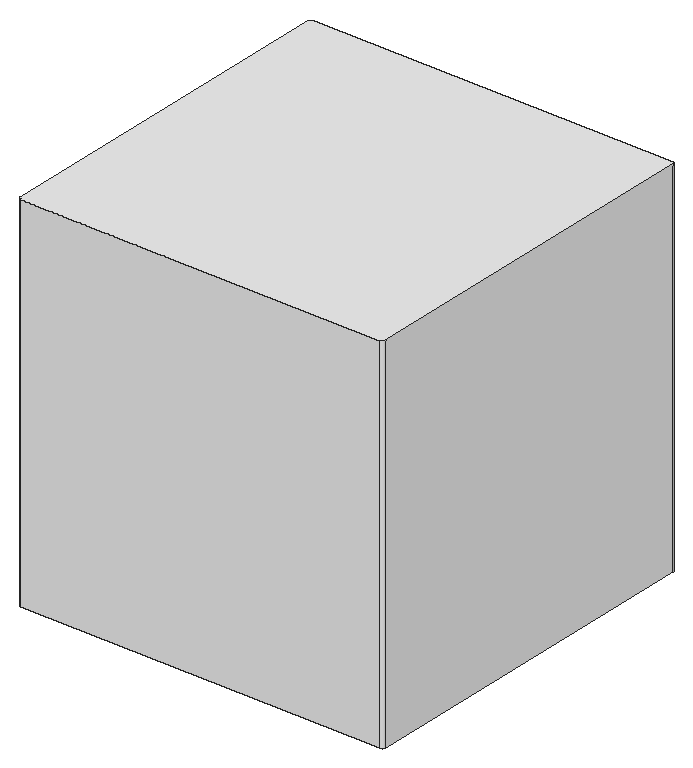
Revit family "CUbe_dépolluant_LBA_SbD", category Equipement spécialisé, Revit 2017
Family settings
  Cote de connecteur circulaire = Utiliser le diamètre
  Type d'élément = Normal
  Basée sur le plan de construction = Non
  Toujours verticalement = Oui
  Couper avec des vides une fois chargée = Non
  Partagée = Non
  Point de calcul de pièce = Non
Parameters (values of type "CUbe_dépolluant_600 x 600 x 600 H")
  longueur = 600 mm
  largeur = 600 mm
  hauteur = 600 mm
  URL = "https://barriere-automatique.com/fr/"
  Modèle = "CUbe dépolluant"
  Matériaux = MATERIAU BLANC
  Fabricant = "La Barrière Automatique – Security by Design"
Reference planes
  plane 1 "Centre (avant/arrière)": y = 0
  plane 2: z = 0
  plane 3 "Centre (gauche/droite)": x = 0
  plane 4 "Arrière": y = 300
  plane 5 "Droite": x = 300
  plane 6 "Gauche": x = -300
  plane 7 "Avant": y = -300
  plane 8: z = 600
Forms (mm)
  Extrusion 1, solid, material "MATERIAU BLANC" <- "Matériaux"
    sketch origin (0, 0, 0) x (1, 0, 0) y (0, 1, 0)
      loop
        arc (-295, 300) -> (-298.536, 298.536) -> (-300, 295) r 5
        line (-300, 295) -> (-300, -295)
        arc (-300, -295) -> (-298.536, -298.536) -> (-295, -300) r 5
        line (-295, -300) -> (295, -300)
        arc (295, -300) -> (298.536, -298.536) -> (300, -295) r 5
        line (300, -295) -> (300, 295)
        arc (300, 295) -> (298.536, 298.536) -> (295, 300) r 5
        line (295, 300) -> (-295, 300)
    from 0 to 600
Lines and regions (mm)
  model lines, style "LIGNE_2D"
    curve 1: circle (0, -300, 16.471) r 8 normal (0, -1, 0)
  symbolic lines, style "LIGNE_2D"
    curve 2: line (-300, 300, 0) -> (300, 300, 0)
    curve 3: line (-300, -300, 0) -> (-300, 300, 0)
    curve 4: line (300, -300, 0) -> (-300, -300, 0)
    curve 5: line (300, 300, 0) -> (300, -300, 0)
    curve 6: line (-300, -300, 600) -> (300, -300, 600)
    curve 7: line (-300, -300, 0) -> (-300, -300, 600)
    curve 8: line (300, -300, 0) -> (-300, -300, 0)
    curve 9: line (300, -300, 600) -> (300, -300, 0)
    curve 10: line (-300, 300, 600) -> (300, 300, 600)
    curve 11: line (-300, 300, 0) -> (-300, 300, 600)
    curve 12: line (300, 300, 0) -> (-300, 300, 0)
    curve 13: line (300, 300, 600) -> (300, 300, 0)
    curve 14: line (300, -300, 600) -> (300, 300, 600)
    curve 15: line (300, -300, 0) -> (300, -300, 600)
    curve 16: line (300, 300, 0) -> (300, -300, 0)
    curve 17: line (300, 300, 600) -> (300, 300, 0)
    curve 18: line (-300, -300, 600) -> (-300, 300, 600)
    curve 19: line (-300, -300, 0) -> (-300, -300, 600)
    curve 20: line (-300, 300, 0) -> (-300, -300, 0)
    curve 21: line (-300, 300, 600) -> (-300, 300, 0)
Dimensions and locks
  equal spacing: plane 6 "Gauche", plane 3 "Centre (gauche/droite)", plane 5 "Droite"
  "largeur": plane 6 "Gauche" to plane 5 "Droite"
  equal spacing: plane 4 "Arrière", plane 1 "Centre (avant/arrière)", plane 7 "Avant"
  "longueur": plane 4 "Arrière" to plane 7 "Avant"
  "hauteur": plane 8 to plane 2
  aligned and locked: level to plane 2
  aligned and locked: Extrusion 1 sketch curve to plane 5 "Droite"
  aligned and locked: Extrusion 1 sketch curve to plane 4 "Arrière"
  aligned and locked: plane 6 "Gauche" to Extrusion 1 sketch curve
  aligned and locked: plane 7 "Avant" to Extrusion 1 sketch curve
  aligned and locked: plane 8 to Extrusion 1
  aligned and locked: curve 5 to plane 5 "Droite"
  aligned and locked: curve 2 to plane 4 "Arrière"
  aligned and locked: plane 6 "Gauche" to curve 3
  aligned and locked: plane 7 "Avant" to curve 4
  aligned and locked: curve 6 to plane 8
  aligned and locked: curve 9 to plane 5 "Droite"
  aligned and locked: plane 2 to curve 8
  aligned and locked: plane 6 "Gauche" to curve 7
  aligned and locked: curve 14 to plane 8
  aligned and locked: curve 17 to plane 4 "Arrière"
  aligned and locked: plane 7 "Avant" to curve 15
  aligned and locked: plane 2 to curve 16
Automatic sketch dimensions
  curve 1 to plane 3 "Centre (gauche/droite)" = 0 mm
  level to curve 1 = 16.471 mm
  Extrusion 1 sketch curve to Extrusion 1 sketch curve = 5 mm
  Extrusion 1 sketch curve to plane 4 "Arrière" = 5 mm
  Extrusion 1 sketch curve to plane 5 "Droite" = 5 mm  (x2)
  curve 10 to plane 5 "Droite" = 0 mm
  curve 12 to level = 0 mm
  curve 12 to plane 6 "Gauche" = 0 mm
  curve 11 to plane 8 = 0 mm
  curve 20 to level = 0 mm
  curve 20 to plane 7 "Avant" = 0 mm
  curve 20 to plane 4 "Arrière" = 0 mm
  curve 19 to plane 8 = 0 mm
  radius of curve 1 = 8 mm
